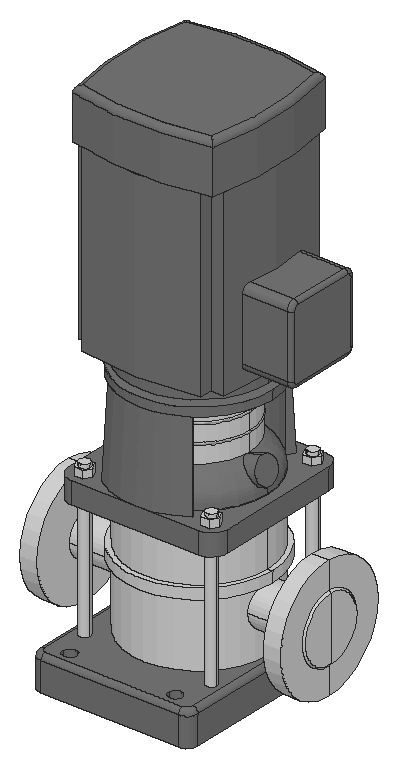
Revit family "TESK_Насос вертикальный_SVM(T)-1", category Оборудование, Revit 2019 (continued)
Types in the file's own list only (44): name | Напор максимальный | Материал_КорпусУлитка | Длина_ВспомЛиния | Высота_Перехода | Высота_Корпуса | ADSK_Полная мощность | ADSK_Номинальная мощность | ADSK_Напряжение | ADSK_Наименование | ADSK_Масса_Текст | ADSK_Масса | ADSK_Марка | ADSK_Код изделия | ADSK_Диаметр условный | Фланец_Толщина | УГО_Длина | Двигатель_Ширина | Двигатель_ОтступКоробки | Двигатель_Высота
  SVMT 1-17 1.1kW 3x380V 50Hz IE3 | 101 | TESK_Черный_Условный | 30 мм | 110 мм | 538 мм | 1 кВ·А | 1 кВт | 400 В | "Вертикальный многоступенчатый центробежный насос SVMT, DN25, PN25, Hmax=101м (3x380V 50Hz IE3)" | "33" | 33 | "SVMT 1-17 1.1kW 3x380V 50Hz IE3" | "771-170003380N" | 25 мм | 18 мм | 250 мм | 170 мм | 142 мм | 280 мм
  SVMT 1-19 1.1kW 3x380V 50Hz IE3 | 113 | TESK_Черный_Условный | 30 мм | 110 мм | 574 мм | 1 кВ·А | 1 кВт | 400 В | "Вертикальный многоступенчатый центробежный насос SVMT, DN25, PN25, Hmax=113м (3x380V 50Hz IE3)" | "34" | 34 | "SVMT 1-19 1.1kW 3x380V 50Hz IE3" | "771-190003380N" | 25 мм | 18 мм | 250 мм | 170 мм | 142 мм | 280 мм
  SVMT 1-21 1.1kW 3x380V 50Hz IE3 | 124 | TESK_Черный_Условный | 30 мм | 110 мм | 610 мм | 1 кВ·А | 1 кВт | 400 В | "Вертикальный многоступенчатый центробежный насос SVMT, DN25, PN25, Hmax=124м (3x380V 50Hz IE3)" | "35" | 35 | "SVMT 1-21 1.1kW 3x380V 50Hz IE3" | "771-210003380N" | 25 мм | 18 мм | 250 мм | 170 мм | 142 мм | 280 мм
  SVMT 1-23 1.1kW 3x380V 50Hz IE3 | 137 | TESK_Черный_Условный | 30 мм | 110 мм | 646 мм | 1 кВ·А | 1 кВт | 400 В | "Вертикальный многоступенчатый центробежный насос SVMT, DN25, PN25, Hmax=137м (3x380V 50Hz IE3)" | "36" | 36 | "SVMT 1-23 1.1kW 3x380V 50Hz IE3" | "771-230003380N" | 25 мм | 18 мм | 250 мм | 170 мм | 142 мм | 280 мм
  SVMT 1-25 1.5kW 3x380V 50Hz IE3 | 149 | TESK_Черный_Условный | 30 мм | 130 мм | 692 мм | 2 кВ·А | 2 кВт | 400 В | "Вертикальный многоступенчатый центробежный насос SVMT, DN25, PN25, Hmax=149м (3x380V 50Hz IE3)" | "42" | 42 | "SVMT 1-25 1.5kW 3x380V 50Hz IE3" | "771-250003380N" | 25 мм | 18 мм | 250 мм | 190 мм | 155 мм | 333 мм
  SVMT 1-27 1.5kW 3x380V 50Hz IE3 | 161 | TESK_Черный_Условный | 30 мм | 130 мм | 728 мм | 2 кВ·А | 2 кВт | 400 В | "Вертикальный многоступенчатый центробежный насос SVMT, DN25, PN25, Hmax=161м (3x380V 50Hz IE3)" | "43" | 43 | "SVMT 1-27 1.5kW 3x380V 50Hz IE3" | "771-270003380N" | 25 мм | 18 мм | 250 мм | 190 мм | 155 мм | 333 мм
  SVMT 1-30 1.5kW 3x380V 50Hz IE3 | 178 | TESK_Черный_Условный | 30 мм | 130 мм | 782 мм | 2 кВ·А | 2 кВт | 400 В | "Вертикальный многоступенчатый центробежный насос SVMT, DN25, PN25, Hmax=178м (3x380V 50Hz IE3)" | "45" | 45 | "SVMT 1-30 1.5kW 3x380V 50Hz IE3" | "771-300003380N" | 25 мм | 18 мм | 250 мм | 190 мм | 155 мм | 333 мм
  SVMT 1-33 2.2kW 3x380V 50Hz IE3 | 196 | TESK_Черный_Условный | 30 мм | 130 мм | 836 мм | 2 кВ·А | 2 кВт | 400 В | "Вертикальный многоступенчатый центробежный насос SVMT, DN25, PN25, Hmax=196м (3x380V 50Hz IE3)" | "49" | 49 | "SVMT 1-33 2.2kW 3x380V 50Hz IE3" | "771-330003380N" | 25 мм | 18 мм | 250 мм | 190 мм | 155 мм | 333 мм
  SVMT 1-36 2.2kW 3x380V 50Hz IE3 | 214 | TESK_Черный_Условный | 30 мм | 130 мм | 890 мм | 2 кВ·А | 2 кВт | 400 В | "Вертикальный многоступенчатый центробежный насос SVMT, DN25, PN25, Hmax=214м (3x380V 50Hz IE3)" | "51" | 51 | "SVMT 1-36 2.2kW 3x380V 50Hz IE3" | "771-360003380N" | 25 мм | 18 мм | 250 мм | 190 мм | 155 мм | 333 мм
